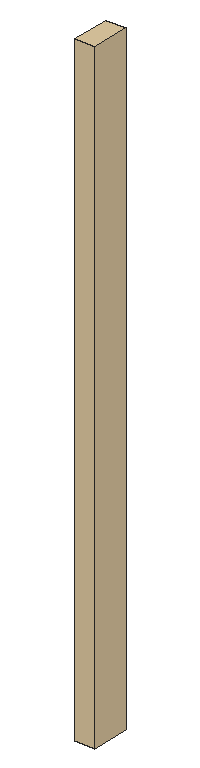
Revit family
Parameters (values of type "79 x 152")
  b = 79 mm
  d = 152 mm
  Keynote = "G20"
  Column Material [instance] = Wood - Dimensional Lumber
Types (3, lengths in mm): name | b
  (no name) | 79
  79 x 152 | 79
  130 x 152 | 130
Reference planes
  plane 1 "Center (Front/Back)": y = 0
  plane 2: z = 0
  plane 3 "Center (Left/Right)": x = 0
  plane 4: x = -39.5
  plane 5: x = 39.5
  plane 6: y = 76
  plane 7: y = -76
Forms (mm)
  Extrusion 1, solid, material "Wood - Dimensional Lumber" <- "Column Material", detail levels medium+fine
    sketch origin (0, 0, 0) x (1, 0, 0) y (0, 1, 0)
      loop
        line (-39.5, 76) -> (-39.5, -76) -> (39.5, -76) -> (39.5, 76) -> (-39.5, 76)
    from 0 to 2500
Lines and regions (mm)
  symbolic lines, style "StructuralColumnStickSymbols", detail levels coarse
    curve 1: line (-39.5, 76, 0) -> (39.5, 76, 0)
    curve 2: line (-39.5, -76, 0) -> (39.5, -76, 0)
    curve 3: line (-39.5, 76, 0) -> (-39.5, -76, 0)
    curve 4: line (39.5, 76, 0) -> (39.5, -76, 0)
Dimensions and locks
  equal spacing: plane 4, plane 3 "Center (Left/Right)", plane 5
  equal spacing: plane 7, plane 1 "Center (Front/Back)", plane 6
  "d": plane 7 to plane 6
  "b": plane 4 to plane 5
  aligned and locked: plane 6 to Extrusion 1 sketch curve
  aligned and locked: Extrusion 1 sketch curve to plane 7
  aligned and locked: Extrusion 1 sketch curve to plane 4
  aligned and locked: plane 5 to Extrusion 1 sketch curve
  aligned and locked: level to Extrusion 1
  aligned and locked: level to plane 2
  aligned and locked: Extrusion 1 to plane 2
Automatic sketch dimensions
  curve 3 to plane 4 = 0 mm
  curve 4 to plane 5 = 0 mm
  curve 3 to plane 7 = 0 mm
  curve 3 to plane 6 = 0 mm
